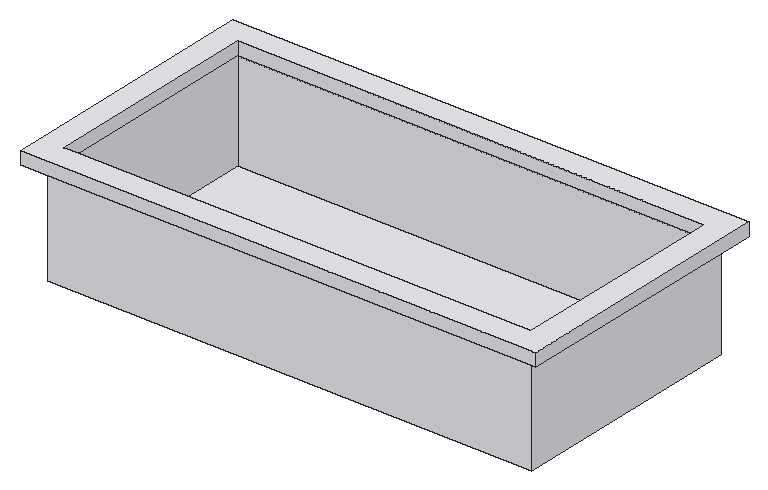
Revit family "Deca_Cuba de Sobrepor Retangular_L", category Plumbing Fixtures, host Face, Revit 2013
Parameters (values of type "L.1070.17_Branco Gelo GE17")
  WFU = 0
  Vendido Separadamente = "Sifão para lavatório: Cromado: (1680.C.100.112), Dourado (1680.D.100.112).   Slim: Cromado (1684.C.100.112), Dourado (1684.D.100.112) e Gold (1684.D.100.112.GLD).  Quadra: Cromado (1685.C.100.112).                                                                                                                                                                                                                                                                                                                                                                                                                                                                                                  Válvulas de escoamentos compatíveis: Luxo: Cromado (1601.C), Branco (1601.E.BR), Gold (1601.D.GLD); Click: Cromado (1601.C.CLI).  Competitivo: Cromado (1602.C), Dourado (1602.D); Tampão plástico: Cromado (1602.C.PLA)."  # constant formula
  Variações de COR = "Branco (L.1070.17); Ébano (L.1070.95)."  # constant formula
  URL = "www.deca.com.br/produtos"
  Segmento = "Luxo"  # constant formula
  Raio Ponto de Esgoto = 20 mm  # constant formula
  Produto = "Cuba de sobrepor Retangular"  # constant formula
  Peso Liquido (Kg) = 10.3
  Norma = "ABNT NBR 15097-1: 2011 / ABNT NBR 15097-2: 2011"  # constant formula
  Model = Código  # "L.1070.17"
  Material = "Deca_Fireclay"  # constant formula
  Manufacturer = "Deca"  # constant formula
  Louça/Metais = "Louça"  # constant formula
  Linha = "Cubas de sobrepor"  # constant formula
  Informações Complementares = ""
  Flow Pressure = 0.00 psi
  Diâmetro Ponto de Esgoto = Raio Ponto de Esgoto * 2  # 40 mm
  Description = "Cuba de sobrepor"  # constant formula
  Default Elevation = 0 mm
  Código = "L.1070.17"
  Cuba = Deca GE17 Branco Gelo Cerâmica
  Criado por = "Contino/quattroD"  # constant formula
  Atendimento ao Cliente = "0800-0117073 "  # constant formula
  Assembly Code = "D2010400"
  Aprovado por = "Contino/quattroD"  # constant formula
  Acompanha o Produto = ""
Types (2, lengths in mm): name | Model | Código | Cuba
  L.1070.17_Branco Gelo GE17 | "L.1070.17" | "L.1070.17" | Deca GE17 Branco Gelo Cerâmica
  L.1070.95_ Ébano EB95 | "L.1070.95" | "L.1070.95" | Deca EB95 Ébano Cerâmica
Reference planes
  plane 1 "Center (Front/Back)": y = 0
  plane 2: z = 0
  plane 3 "Center (Left/Right)": x = 0
  plane 4 "Left 1": x = -295
  plane 5 "Right 1": x = 295
  plane 6 "Back 1": y = 150
  plane 7 "Front 1": y = -155
  plane 8 "Bottom 1": z = -119.972
  plane 9 "Top 1": z = 15.028
Forms (mm)
  Extrusion 1, solid, material "Deca GE17 Branco Gelo Cerâmica" <- "Cuba"
    sketch origin (0, 0, 0) x (1, 0, 0) y (0, 1, 0)
      loop
        line (-295, 150) -> (-295, -155) -> (295, -155) -> (295, 150) -> (-295, 150)
      loop
        line (-267.5, 122.5) -> (-267.5, -127.5) -> (267.5, -127.5) -> (267.5, 122.5) -> (-267.5, 122.5)
    from 0 to 15.028
  Extrusion 2, solid, material "Deca GE17 Branco Gelo Cerâmica" <- "Cuba"
    sketch origin (0, 0, 0) x (1, 0, 0) y (0, 1, 0)
      loop
        line (267.5, 122.5) -> (-267.5, 122.5) -> (-267.5, -127.5) -> (267.5, -127.5) -> (267.5, 122.5)
      loop
        line (277.5, 132.5) -> (-277.5, 132.5) -> (-277.5, -137.5) -> (277.5, -137.5) -> (277.5, 132.5)
    from -119.972 to 0
  Extrusion 3, solid, material "Deca GE17 Branco Gelo Cerâmica" <- "Cuba"
    sketch origin (0, 0, 0) x (1, 0, 0) y (0, 1, 0)
      loop
        line (277.5, 132.5) -> (-277.5, 132.5) -> (-277.5, -137.5) -> (277.5, -137.5) -> (277.5, 132.5)
    from -119.972 to -113.006
  Extrusion 4, void
    sketch origin (0, 0, 0) x (1, 0, 0) y (0, 1, 0)
      loop
        circle (0, 0) r 22.5
    from -130.026 to -102.257
  Extrusion 5, void
    sketch origin (0, 0, 0) x (1, 0, 0) y (0, 1, 0)
      loop
        line (-277.5, 132.5) -> (-277.5, -137.5) -> (277.5, -137.5) -> (277.5, 132.5) -> (-277.5, 132.5)
    from -113.006 to 71.663
Cuts and joins
  Extrusion 4 cuts Extrusion 2
  Extrusion 4, Extrusion 5 cuts Extrusion 3
  joined: Extrusion 2, Extrusion 3
  Extrusion 4 cuts Extrusion 1
Lines and regions (mm)
  Masking region 1
    outline origin (0, 0, 0) x (1, 0, 0) y (0, 1, 0)
      loop
        arc (-289, 150) -> (-293.243, 148.243) -> (-295, 144) r 6
        line (-295, 144) -> (-295, -149)
        arc (-295, -149) -> (-293.243, -153.243) -> (-289, -155) r 6
        line (-289, -155) -> (289, -155)
        arc (289, -155) -> (293.243, -153.243) -> (295, -149) r 6
        line (295, -149) -> (295, 144)
        arc (295, 144) -> (293.243, 148.243) -> (289, 150) r 6
        line (289, 150) -> (-289, 150)
  Masking region 2
    outline origin (0, -155, 0) x (-1, 0, 0) y (0, 0, 1)
      loop
        line (295, 15.028) -> (-295, 15.028) -> (-295, 0) -> (295, 0) -> (295, 15.028)
  Masking region 3
    outline origin (0, 0, 0) x (0, 1, 0) y (0, 0, 1)
      loop
        arc (-150.999, 15.028) -> (-153.828, 13.856) -> (-155, 11.027) r 4.001
        line (-155, 11.027) -> (-155, 0) -> (150, 0) -> (150, 11.354)
        arc (150, 11.354) -> (148.924, 13.952) -> (146.327, 15.028) r 3.673
        line (146.327, 15.028) -> (-150.999, 15.028)
  symbolic lines, style "PlumbingFixtures"
    curve 1: line (261.535, 122.5, 0) -> (-261.535, 122.5, 0)
    curve 2: line (-267.5, 116.535, 0) -> (-267.5, -121.535, 0)
    curve 3: line (-261.535, -127.5, 0) -> (261.535, -127.5, 0)
    curve 4: line (267.5, -121.535, 0) -> (267.5, 116.535, 0)
    curve 5: arc (267.5, -121.535, 0) -> (265.753, -125.753, 0) -> (261.535, -127.5, 0) r 5.965
    curve 6: arc (261.535, 122.5, 0) -> (265.753, 120.753, 0) -> (267.5, 116.535, 0) r 5.965
    curve 7: arc (-267.5, -121.535, 0) -> (-265.753, -125.753, 0) -> (-261.535, -127.5, 0) r 5.965
    curve 8: arc (-261.535, 122.5, 0) -> (-265.753, 120.753, 0) -> (-267.5, 116.535, 0) r 5.965
  symbolic lines
    curve 9: circle (0, 0, 0) r 22.5 normal (0, 0, 1)
    curve 10: circle (0, 0, 0) r 31.036 normal (0, 0, 1)
  symbolic lines, style "PlumbingFixturesHiddenLines"
    curve 11: line (-261.938, -155, -117.322) -> (-274.407, -155, -1.785)
    curve 12: line (258.955, -155, -120) -> (-258.955, -155, -120)
    curve 13: line (274.407, -155, -1.785) -> (261.938, -155, -117.322)
    curve 14: arc (-274.407, -155, -1.785) -> (-275.06, -155, -0.512) -> (-276.396, -155, 0) r 2
    curve 15: arc (276.396, -155, 0) -> (275.06, -155, -0.512) -> (274.407, -155, -1.785) r 2
    curve 16: arc (258.955, -155, -120) -> (260.959, -155, -119.232) -> (261.938, -155, -117.322) r 3
    curve 17: arc (-261.938, -155, -117.322) -> (-260.959, -155, -119.232) -> (-258.955, -155, -120) r 3
    curve 18: line (0, -136.904, -1.784) -> (0, -124.438, -117.294)
    curve 19: line (0, 119.438, -117.294) -> (0, 131.907, -1.758)
    curve 20: line (0, 116.76, -119.972) -> (0, -121.76, -119.972)
    curve 21: arc (0, 119.438, -117.294) -> (0, 118.653, -119.188) -> (0, 116.76, -119.972) r 2.678
    curve 22: arc (0, -124.438, -117.294) -> (0, -123.653, -119.188) -> (0, -121.76, -119.972) r 2.678
    curve 23: arc (0, -138.689, 0) -> (0, -137.427, -0.523) -> (0, -136.904, -1.784) r 1.784
    curve 24: arc (0, 131.907, -1.758) -> (0, 132.422, -0.515) -> (0, 133.665, 0) r 1.758
Dimensions and locks
  plane 7 "Front 1" to plane 6 "Back 1" = 305 mm
  host face to plane 8 "Bottom 1" = 119.972 mm
  plane 9 "Top 1" to plane 8 "Bottom 1" = 135 mm  (x2)
  plane 9 "Top 1" to host face = 15.028 mm
  plane 4 "Left 1" to plane 5 "Right 1" = 590 mm
  plane 6 "Back 1" to plane 7 "Front 1" = 305 mm
  plane 5 "Right 1" to plane 4 "Left 1" = 590 mm
  plane 9 "Top 1" to plane 2 = 15.028 mm
  plane 2 to plane 8 "Bottom 1" = 119.972 mm
  aligned and locked: host face to plane 2
  aligned and locked: level to host face
Connectors
  piping at (0, 0, -119.972), driven by "Raio Ponto de Esgoto", driven by "Flow Pressure", driven by "WFU"
    settings: on cut or joined group of Extrusion 2, Extrusion 3, Extrusion 4, Extrusion 5, index 1, connector radius 0.7874", flow factor 0, pipe flow 0 GPM, pressure drop 0.00 psi, fitting loss kfactor 0, connector angle 0.00°, fixture units 0, engagement length 0 mm, flow configuration 3, flow direction 2, fitting loss method 4, system type 16, joint type 0, gender type 0, connector reference index -1, connector utility 0, adjustable connector no, is connector primary yes, fitting loss table "", connector description ""
